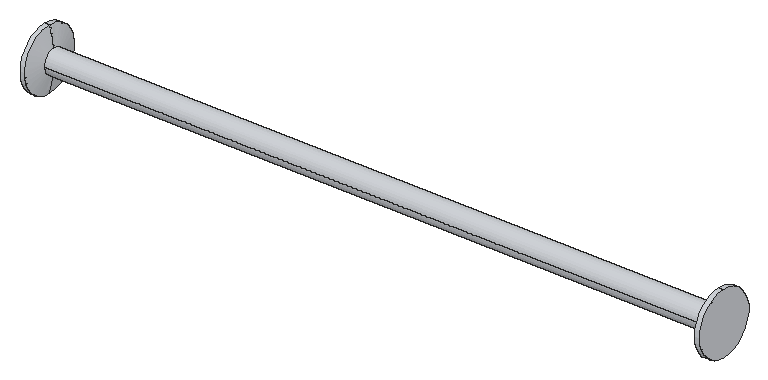
Revit family
Parameters
  Width = 0"
  Warranty Information = "n/a"
  Version = "1.0"
  URL = "http://www.bradleycorp.com/"
  Technical Data = "n/a"
  Percentage of Recycled Content = 0
  OmniClass Title = "Shower Rods"
  OmniClass Code = "23-31 17 31"
  Modeling Code = "n/a"
  Model = "9531-036 BradEX"
  Material Note = "n/a"
  Material = ""
  MasterFormat Title = "Commercial Toilet Accessories\r\nCommercial Toilet Accessories"
  MasterFormat Number = "10 28 13.13"
  Manufacturer = "Bradley Corporation"
  Low Emitting Material = yes
  Low Emitting Finish = yes
  Length = 36"
  LEED Credit = ""
  Installation Type = "Exposed Mounting"
  Industry Standards = "n/a"
  Height = 48"
  Fire Rating = "n/a"
  Description = "Shower Curtain Rod | Exposed Mounting | 1 1/4\" OD | 36\" L"
  Depth = 0"
  Copyright = "This Model Data is Property of Bradley Corporation"
  Complies to NAFTA = "n/a"
  Buy American Act = "To Be Determined"
  Assembly Code = "C1030200"
  Accessory Material = Metal - Bradley Corp - Stainless Steel-Satin
  ADA Compliant = "No"
Reference planes (in)
  plane 1 "Center (Front/Back)": y = 0
  plane 2: z = 0
  plane 3 "Center (Left/Right)": x = 0
  plane 4 "C.O. Shower Rod": z = 48
  plane 5 "Left End": x = -18
  plane 6 "Right End": x = 18
Forms (in)
  Extrusion 1, solid, detail levels medium+fine
    sketch origin (0, 0, 0) x (0, 1, 0) y (0, 0, 1)
      loop
        circle (0, 48) r 0.625
    from -18 to 18
  Extrusion 2, solid, detail levels medium+fine
    sketch origin (18, 0, 0) x (0, 0, 1) y (0, -1, 0)
      loop
        circle (48, 0) r 1.62
    from 0 to -0.5
  Revolve 3, void
    sketch origin (0, 0, 0) x (1, 0, 0) y (0, 0, 1)
      loop
        arc (17.5, 48) -> (17.56287, 48.81959) -> (17.75, 49.62) r 5.3738
        line (17.75, 49.62) -> (17.5, 49.62) -> (17.5, 48)
      axis (17.5, 48) -> (17.75, 48)
    angle from 0 to 360
  Extrusion 4, solid, detail levels medium+fine
    sketch origin (-18, 0, 0) x (0, 0, 1) y (0, -1, 0)
      loop
        circle (48, 0) r 1.62
    from 0 to 0.5
  Revolve 5, void
    sketch origin (0, 0, 0) x (-1, 0, 0) y (0, 0, 1)
      loop
        arc (17.5, 48) -> (17.56287, 48.81959) -> (17.75, 49.62) r 5.3738
        line (17.75, 49.62) -> (17.5, 49.62) -> (17.5, 48)
      axis (17.5, 48) -> (17.75, 48)
    angle from 0 to 360
Cuts and joins
  Revolve 3, Revolve 5 cuts Extrusion 2
  Revolve 5 cuts Extrusion 4
  joined: Extrusion 1, Extrusion 2, Extrusion 4
Lines and regions (in)
  model lines, detail levels coarse
    curve 1: line (-18, 0, 48) -> (18, 0, 48)
    curve 2: circle (-18, 0, 48) r 1.62 normal (1, 0, 0)
    curve 3: circle (18, 0, 48) r 1.62 normal (1, 0, 0)
  symbolic lines, style "Shower Curtain Rod", detail levels coarse
    curve 4: line (-18, 0, 0) -> (18, 0, 0)
Dimensions and locks (in)
  "Height": plane 4 "C.O. Shower Rod" to plane 2
  "Length": plane 6 "Right End" to plane 5 "Left End"
  equal spacing: plane 6 "Right End", plane 3 "Center (Left/Right)", plane 5 "Left End"
  aligned and locked: Extrusion 1 to plane 5 "Left End"
  aligned and locked: plane 6 "Right End" to Extrusion 1
  aligned and locked: curve 1 to plane 4 "C.O. Shower Rod"
  aligned and locked: cut or joined group of Extrusion 1, Extrusion 2, Revolve 3, Extrusion 4, Revolve 5 to plane 5 "Left End"
  aligned and locked: plane 1 "Center (Front/Back)" to curve 4
Automatic sketch dimensions
  curve 1 to plane 5 "Left End" = 0"
  curve 1 to plane 6 "Right End" = 0"
  Extrusion 1 sketch curve to plane 1 "Center (Front/Back)" = 0"
  Extrusion 1 sketch curve to plane 4 "C.O. Shower Rod" = 0"
  Extrusion 2 sketch curve to plane 1 "Center (Front/Back)" = 0"
  Extrusion 2 sketch curve to plane 4 "C.O. Shower Rod" = 0"
  Revolve 3 sketch curve to plane 4 "C.O. Shower Rod" = 0"  (x2)
  Revolve 3 sketch curve to plane 6 "Right End" = 0"
  Revolve 3 sketch curve to plane 6 "Right End" = 1/4"
  Revolve 3 sketch curve to Revolve 3 sketch curve = 1/4"
  Revolve 3 sketch curve to Revolve 3 sketch curve = 0"
  Revolve 3 sketch curve to Revolve 3 sketch curve = 4.8738"
  Revolve 5 sketch curve to plane 4 "C.O. Shower Rod" = 0"  (x2)
  Revolve 5 sketch curve to plane 5 "Left End" = 0"
  Revolve 5 sketch curve to plane 5 "Left End" = 1/4"
  Revolve 5 sketch curve to Revolve 5 sketch curve = 1/4"
  Revolve 5 sketch curve to Revolve 5 sketch curve = 0"
  plane 5 "Left End" to Revolve 5 sketch curve = 4.8738"
  curve 2 to plane 1 "Center (Front/Back)" = 0"
  curve 2 to plane 4 "C.O. Shower Rod" = 0"
  curve 3 to plane 1 "Center (Front/Back)" = 0"
  curve 3 to plane 4 "C.O. Shower Rod" = 0"
  Extrusion 4 sketch curve to plane 1 "Center (Front/Back)" = 0"
  Extrusion 4 sketch curve to plane 4 "C.O. Shower Rod" = 0"
  curve 4 to plane 5 "Left End" = 0"
  curve 4 to plane 6 "Right End" = 0"
  radius of Extrusion 1 sketch curve = 5/8"
  radius of Extrusion 2 sketch curve = 1.62"
  radius of curve 2 = 1.62"
  radius of curve 3 = 1.62"
  radius of Extrusion 4 sketch curve = 1.62"
